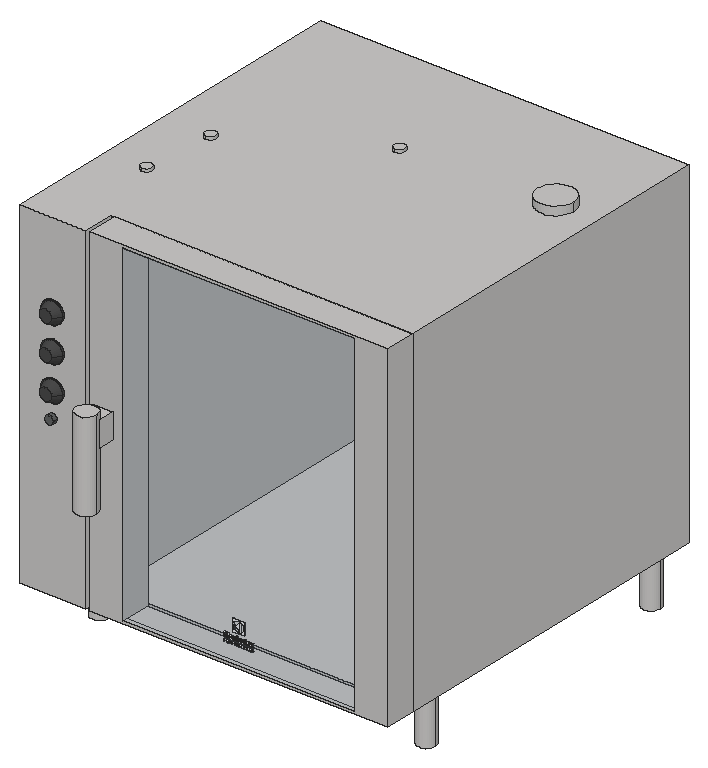
Revit family "QF_ELECTROLUXPROFESSIONAL_260865_EFCE11CSES", category Attrezzature speciali, Revit 2018
Family settings
  Quota connettore circolare = Usa diametro
  Tipo di parte = Normale
  Basato su piano di lavoro = No
  Sempre verticale = Sì
  Taglio con vuoti quando caricato = No
  Condiviso = No
  Punto di calcolo locali = No
Parameters (values of type "Standard")
  Weight = 121.20 kg
  Watts = 17300 W
  Volts = 380 V
  URL Manufacturer = "https://www.electroluxprofessional.com/"
  URL = "https://www.electroluxprofessional.com/"
  Steam Supply Size = 0 mm
  Steam Supply Minimum Pressure = 0.0 Pa
  Steam Supply Maximum Pressure = 0.0 Pa
  Steam Consumption per Hour = 0
  Show Logo [instance] = yes
  Show Clearance [instance] = yes
  Refrigeration Suction Line Size = 0 mm
  Refrigeration Liquid Line Size = 0 mm
  Refrigerant Compressor Remote = yes
  Produttore = "Electrolux Professional"
  Phase = 3
  Modello = "EFCE11CSES"
  Length Actual = 890 mm  # constant formula
  Item Number = "260865"
  Hot Water Size = 0 mm
  Height Actual = 970 mm  # constant formula
  HP = "23.2 HP"
  Gas Size = 0 mm
  Gas KW = 0
  Gas Input Pressure = 0 W
  Direct Waste Size = 25 mm
  Descrizione = "CONVECTION OVEN CW 10 GN 1/1 - ELECTRIC - 60HZ"
  Depth Actual = 900 mm  # constant formula
  Cycle = 60 Hz
  Condensate Return Size = 0 mm
  Compressed Air Volume = 0.0 L/s
  Compressed Air Size = 0 mm
  Compressed Air Pressure = 0.0 Pa
  Cold Water Size = 19.05 mm
  Accessory = yes
Types (2, lengths in mm): name | URL | Produttore | Phase | Modello | Direct Waste Size | Descrizione | Cold Water Size
  (no name) | 0 | 0 | 0 | 0 | 0 | 0 | 0
  Standard | "https://www.electroluxprofessional.com/" | "Electrolux Professional" | 3 | "EFCE11CSES" | 25 | "CONVECTION OVEN CW 10 GN 1/1 - ELECTRIC - 60HZ" | 19.05
Values of the unnamed type that differ from the named types
  Weight = 0.00 kg
  Watts = 0 W
  Volts = 0 V
  URL Manufacturer = ""
  Item Number = ""
  HP = ""
  Cycle = 0 Hz
Reference planes
  plane 1 "Center X": y = 24.851
  plane 2: z = 0
  plane 3 "Center Y": x = -315
  plane 4 "LEFT": x = -760
  plane 5 "BACK": y = 479.851
  plane 6 "RIGHT": x = 130
  plane 7 "FRONT": y = -430.149
  plane 8: x = -710
  plane 9: y = 421.851
  plane 10: y = -355.149
  plane 11: x = 80
  plane 12: y = -1111.149
  plane 13: z = 130
  plane 14 "Center Z": z = 950
  plane 15: z = 0
Forms (mm)
  Extrusion 1, solid, material "QF_Finishes_Stainless Steel"
    sketch origin (0, 0, 950) x (-1, 0, 0) y (0, -1, 0)
      loop
        line (760, -479.851) -> (760, 430.149) -> (600, 430.149) -> (600, 355.149) -> (-130, 355.149) -> (-130, -479.851) -> (760, -479.851)
    from 0 to -820
  Extrusion 2, solid, material "QF_Finishes_Stainless Steel"
    sketch origin (0, -430.149, -670) x (-1, 0, 0) y (0, 0, 1)
      loop
        line (590, 1620) -> (-130, 1620) -> (-130, 800) -> (590, 800) -> (590, 1620)
      loop
        line (510, 1615) -> (-50, 1615) -> (-50, 805) -> (510, 805) -> (510, 1615)
    from 0 to 75
  Extrusion 3, solid, material "QF_Finishes_Glass"
    sketch origin (0, -430.149, -670) x (-1, 0, 0) y (0, 0, 1)
      loop
        line (-50, 1615) -> (-50, 805) -> (510, 805) -> (510, 1615) -> (-50, 1615)
    from 0 to 9.69
  Extrusion 4, solid, material "QF_Finishes_Stainless Steel"
    sketch origin (-1, -265, 955) x (0, -1, 0) y (-1, 0, 0)
      loop
        circle (-265.851, 643) r 13.25
    from 0 to 5
  Extrusion 5, solid, material "QF_Door-Drawer Clearances", visible <- "Show Clearance", detail levels coarse
    sketch origin (0, 0, 950) x (-1, 0, 0) y (0, -1, 0)
      loop
        arc (590, 430.149) -> (362.228, 910.45) -> (-130, 1111.149) r 734.22
        line (-130, 1111.149) -> (-130, 430.149) -> (590, 430.149)
    from -820 to 0
  Extrusion 6, solid, material "QF_Finishes_Black"
    sketch origin (24, -430.149, -766.676) x (-1, 0, 0) y (0, 0, 1)
      loop
        circle (704, 1512.5) r 26.676
    from 0 to -3
  Blend 7, solid, material "QF_Finishes_Black"
    base sketch origin (-21, -430.149, -766.676) x (1, 0, 0) y (0, 0, 1)
      loop
        circle (-659, 1512.5) r 25
    top sketch origin (-21, -430.149, -766.676) x (1, 0, 0) y (0, 0, 1)
      loop
        circle (-659, 1512.5) r 15
    from 3 to 21.442
  Extrusion 8, solid, material "QF_Finishes_Black"
    sketch origin (24, -430.149, -851.676) x (-1, 0, 0) y (0, 0, 1)
      loop
        circle (704, 1512.5) r 26.676
    from 0 to -3
  Blend 9, solid, material "QF_Finishes_Black"
    base sketch origin (-21, -430.149, -851.676) x (1, 0, 0) y (0, 0, 1)
      loop
        circle (-659, 1512.5) r 25
    top sketch origin (-21, -430.149, -851.676) x (1, 0, 0) y (0, 0, 1)
      loop
        circle (-659, 1512.5) r 15
    from 3 to 21.442
  Extrusion 10, solid, material "QF_Finishes_Black"
    sketch origin (24, -430.149, -936.676) x (-1, 0, 0) y (0, 0, 1)
      loop
        circle (704, 1512.5) r 26.676
    from 0 to -3
  Blend 11, solid, material "QF_Finishes_Black"
    base sketch origin (-21, -430.149, -936.676) x (1, 0, 0) y (0, 0, 1)
      loop
        circle (-659, 1512.5) r 25
    top sketch origin (-21, -430.149, -936.676) x (1, 0, 0) y (0, 0, 1)
      loop
        circle (-659, 1512.5) r 15
    from 3 to 21.442
  Extrusion 12, solid, material "QF_Finishes_Stainless Steel"
    sketch origin (-18, -437, 955) x (0, -1, 0) y (-1, 0, 0)
      loop
        circle (-265.851, 643) r 13.25
    from 0 to 5
  Extrusion 13, solid, material "QF_Finishes_Stainless Steel"
    sketch origin (309, -81, 955) x (0, -1, 0) y (-1, 0, 0)
      loop
        circle (-265.851, 643) r 13.25
    from 0 to 5
  Extrusion 14, solid, material "QF_Finishes_Stainless Steel"
    sketch origin (0, 0, 575) x (-1, 0, 0) y (0, -1, 0)
      loop
        circle (559.299, 480.149) r 25
    from -193.655 to 20
  Extrusion 15, solid, material "QF_Finishes_Stainless Steel"
    sketch origin (0, 0, 575) x (-1, 0, 0) y (0, -1, 0)
      loop
        line (534.299, 480.149) -> (534.299, 430.149) -> (584.299, 430.149) -> (584.299, 480.149)
        arc (584.299, 480.149) -> (559.299, 455.149) -> (534.299, 480.149) r 25
    from -55.026 to 5
  Extrusion 16, solid, material "QF_Finishes_Dark_Gray"
    sketch origin (25, -480.149, -725) x (-1, 0, 0) y (0, 0, 1)
      loop
        circle (705.941, 1240.523) r 10
    from 40 to 50
  Extrusion 17, solid, material "QF_Finishes_Stainless Steel"
    sketch origin (67.965, -53.34, 950) x (-1, 0, 0) y (0, -1, 0)
      loop
        circle (37.965, -256.191) r 43
    from 0 to 20
  Extrusion 18, void
    sketch origin (-600, -680.149, 1750) x (-1, 0, 0) y (0, 0, 1)
      loop
        line (0, -818.82) -> (-650, -818.82) -> (-650, -1610) -> (0, -1610) -> (0, -818.82)
    from 325 to 1102
Cuts and joins
  Extrusion 18 cuts Extrusion 1
Lines and regions (mm)
  Split face 1
    outline origin (-760, -430.149, 950) x (0, 0, -1) y (1, 0, 0)
      loop
        line (5, 15) -> (815, 15) -> (815, 145) -> (5, 145) -> (5, 15)
  Split face 2
    outline origin (-776.25, -430.149, 941.25) x (0, 0, -1) y (1, 0, 0)
      loop
        line (447.5, 78.5) -> (463.75, 78.5) -> (463.75, 113.5) -> (447.5, 113.5) -> (447.5, 78.5)
  Split face 3
    outline origin (30, -430.149, 135) x (1, 0, 0) y (0, 0, 1)
      loop
        line (-526.223, 92.039) -> (-375, 92.039) -> (-346.716, 120.323) -> (-260, 120.323) -> (-173.284, 120.323) -> (-145, 92.039) -> (6.223, 92.039) -> (6.223, 732.039) -> (-526.223, 732.039) -> (-526.223, 92.039)
  Split face 4
    outline origin (-760, -430.149, 950) x (0, 0, -1) y (1, 0, 0)
      loop
        line (770, 15) -> (770, 145)
  Split face 5
    outline origin (-640, -430.149, 950) x (-1, 0, 0) y (0, 0, -1)
      loop
        line (105, 50) -> (-25, 50)
  symbolic lines
    curve 1: line (-760, -430.149, 1620) -> (-760, 479.851, 1620)
    curve 2: line (-760, 479.851, 1620) -> (130, 479.851, 1620)
    curve 3: line (-600, -355.149, 1620) -> (130, -355.149, 1620)
    curve 4: line (-600, -355.149, 1620) -> (-600, -430.149, 1620)
    curve 5: line (-760, -430.149, 1620) -> (130, -430.149, 1620)
    curve 6: line (-706.676, -433.149, 1620) -> (-653.324, -433.149, 1620)
    curve 7: line (-695, -451.591, 1620) -> (-665, -451.591, 1620)
    curve 8: line (-706.676, -433.149, 1620) -> (-706.676, -430.149, 1620)
    curve 9: line (-653.324, -433.149, 1620) -> (-653.324, -430.149, 1620)
    curve 10: line (-695, -451.591, 1620) -> (-705, -433.149, 1620)
    curve 11: line (-665, -451.591, 1620) -> (-655.006, -433.149, 1620)
    curve 12: line (130, 479.851, 1620) -> (130, -430.149, 1620)
    curve 15: arc (-534.299, -480.149, 1620) -> (-559.299, -455.149, 1620) -> (-584.299, -480.149, 1620) r 25
    curve 16: arc (-584.299, -480.149, 1620) -> (-559.299, -505.149, 1620) -> (-534.299, -480.149, 1620) r 25
    curve 17: line (-534.299, -480.149, 1620) -> (-534.299, -430.149, 1620)
    curve 18: line (-584.299, -430.149, 1620) -> (-584.299, -480.149, 1620)
    curve 19: arc (73, 202.851, 1620) -> (30, 245.851, 1620) -> (-13, 202.851, 1620) r 43
    curve 20: arc (-13, 202.851, 1620) -> (30, 159.851, 1620) -> (73, 202.851, 1620) r 43
  symbolic lines, style "QF_Door-Drawer Clearances"
    curve 13: line (130, -1111.149, 1620) -> (130, -430.149, 1620)
    curve 14: arc (-590, -430.149, 1620) -> (-362.228, -910.45, 1620) -> (130, -1111.149, 1620) r 734.22
Dimensions and locks
  equal spacing: plane 4 "LEFT", plane 3 "Center Y", plane 6 "RIGHT"
  plane 4 "LEFT" to plane 6 "RIGHT" = 890 mm
  plane 5 "BACK" to plane 7 "FRONT" = 910 mm
  equal spacing: plane 5 "BACK", plane 1 "Center X", plane 7 "FRONT"
  plane 5 "BACK" to plane 12 = 1591 mm
  plane 13 to plane 15 = 130 mm
  plane 14 "Center Z" to plane 13 = 820 mm
  plane 14 "Center Z" to plane 15 = 950 mm
  aligned and locked: level to plane 2
  aligned and locked: plane 13 to nested 1
  aligned and locked: plane 13 to nested 2
  aligned and locked: plane 13 to nested 4
  aligned and locked: plane 13 to nested 3
  aligned and locked: Extrusion 1 to plane 13
  aligned and locked: Blend 7 to Extrusion 6
  aligned and locked: Blend 9 to Extrusion 8
  aligned and locked: Blend 11 to Extrusion 10
Automatic sketch dimensions
  curve 15 to curve 16 = 0 mm  (x2)
  curve 19 to curve 20 = 0 mm  (x2)
  curve 14 to plane 6 "RIGHT" = 0 mm
  curve 17 to plane 7 "FRONT" = 0 mm
  curve 4 to plane 10 = 0 mm
  curve 1 to plane 4 "LEFT" = 0 mm
  curve 1 to plane 5 "BACK" = 0 mm
  curve 13 to plane 12 = 0 mm
  plane 6 "RIGHT" to curve 14 = 12.296 mm
  curve 20 to plane 11 = 50 mm
  curve 17 to plane 7 "FRONT" = 50 mm
  plane 8 to curve 17 = 175.701 mm
  curve 15 to curve 16 = 25 mm
  curve 18 to curve 4 = 15.701 mm
  curve 9 to plane 7 "FRONT" = 3 mm
  curve 4 to curve 9 = 53.324 mm
  curve 6 to curve 7 = 11.676 mm
  plane 8 to curve 7 = 15 mm
  plane 8 to curve 8 = 3.324 mm
  curve 20 to plane 1 "Center X" = 178 mm
  curve 14 to plane 10 = 21.883 mm
  curve 10 to curve 10 = 18.442 mm
  curve 19 to plane 11 = 7 mm
  curve 6 to curve 11 = 1.682 mm
  curve 10 to curve 6 = 1.676 mm
  Extrusion 1 sketch curve to plane 5 "BACK" = 0 mm
  Extrusion 1 sketch curve to plane 6 "RIGHT" = 0 mm
  Extrusion 1 sketch curve to plane 10 = 0 mm
  Extrusion 1 sketch curve to plane 7 "FRONT" = 0 mm
  Extrusion 1 sketch curve to plane 4 "LEFT" = 0 mm
  plane 8 to Extrusion 1 sketch curve = 110 mm
  Extrusion 2 sketch curve to plane 6 "RIGHT" = 0 mm
  Extrusion 2 sketch curve to plane 13 = 0 mm
  Extrusion 2 sketch curve to plane 14 "Center Z" = 0 mm
  plane 13 to Extrusion 2 sketch curve = 5 mm
  Extrusion 2 sketch curve to plane 11 = 30 mm
  Extrusion 2 sketch curve to plane 14 "Center Z" = 5 mm
  Extrusion 2 sketch curve to plane 3 "Center Y" = 195 mm
  Extrusion 2 sketch curve to Extrusion 2 sketch curve = 80 mm
  plane 13 to Extrusion 3 sketch curve = 5 mm
  Extrusion 3 sketch curve to plane 11 = 30 mm
  Extrusion 3 sketch curve to plane 3 "Center Y" = 195 mm  (x2)
  Extrusion 3 sketch curve to plane 14 "Center Z" = 5 mm
  plane 1 "Center X" to Extrusion 4 sketch curve = 24 mm
  plane 8 to Extrusion 4 sketch curve = 66 mm
  Extrusion 5 sketch curve to plane 6 "RIGHT" = 0 mm
  Extrusion 5 sketch curve to plane 7 "FRONT" = 0 mm
  Extrusion 5 sketch curve to plane 12 = 0 mm
  plane 6 "RIGHT" to Extrusion 5 sketch curve = 12.296 mm
  plane 8 to Extrusion 5 sketch curve = 120 mm
  Split face 1 sketch curve to Extrusion 1 = 5 mm  (x2)
  Split face 1 sketch curve to Extrusion 1 = 15 mm  (x2)
  plane 8 to Extrusion 6 sketch curve = 30 mm
  Extrusion 2 to Blend 7 sketch curve = 90 mm  (x2)
  Extrusion 2 to Blend 7 sketch curve = 199.176 mm  (x2)
  plane 8 to Extrusion 8 sketch curve = 30 mm
  Extrusion 2 to Blend 9 sketch curve = 90 mm  (x2)
  Extrusion 2 to Blend 9 sketch curve = 284.176 mm  (x2)
  plane 8 to Extrusion 10 sketch curve = 30 mm
  Extrusion 2 to Blend 11 sketch curve = 90 mm  (x2)
  Extrusion 2 to Blend 11 sketch curve = 369.176 mm  (x2)
  Split face 2 sketch curve to Extrusion 1 = 62.75 mm
  Split face 2 sketch curve to Extrusion 1 = 363.75 mm
  Split face 2 sketch curve to Split face 2 sketch curve = 16.25 mm
  Split face 2 sketch curve to Split face 2 sketch curve = 35 mm
  plane 8 to Extrusion 12 sketch curve = 49 mm
  plane 10 to Extrusion 12 sketch curve = 184 mm
  Extrusion 13 sketch curve to plane 3 "Center Y" = 19 mm
  Extrusion 13 sketch curve to plane 1 "Center X" = 160 mm
  Extrusion 14 sketch curve to plane 7 "FRONT" = 50 mm
  plane 8 to Extrusion 14 sketch curve = 150.701 mm
  Extrusion 15 sketch curve to plane 7 "FRONT" = 0 mm
  plane 8 to Extrusion 15 sketch curve = 175.701 mm
  Extrusion 15 sketch curve to Extrusion 15 sketch curve = 25 mm
  Extrusion 15 sketch curve to plane 7 "FRONT" = 50 mm
  Split face 3 sketch curve to Extrusion 3 = 13.777 mm  (x2)
  Split face 3 sketch curve to Split face 3 sketch curve = 151.223 mm
  Split face 3 sketch curve to Split face 3 sketch curve = 28.284 mm  (x3)
  Split face 3 sketch curve to Split face 3 sketch curve = 86.716 mm  (x2)
  Split face 3 sketch curve to Extrusion 3 = 92.039 mm  (x2)
  Split face 3 sketch curve to Extrusion 3 = 77.961 mm
  Split face 4 sketch curve to Extrusion 1 = 15 mm  (x2)
  Split face 4 sketch curve to Extrusion 1 = 50 mm
  plane 8 to Extrusion 16 sketch curve = 29.059 mm
  Extrusion 17 sketch curve to plane 11 = 50 mm
  Extrusion 17 sketch curve to plane 1 "Center X" = 178 mm
  Split face 5 sketch curve to Extrusion 1 = 15 mm  (x2)
  Split face 5 sketch curve to Extrusion 1 = 50 mm
  Extrusion 6 sketch curve to plane 14 "Center Z" = 204.176 mm
  Extrusion 8 sketch curve to plane 14 "Center Z" = 289.176 mm
  Extrusion 10 sketch curve to plane 14 "Center Z" = 374.176 mm
  plane 13 to Extrusion 16 sketch curve = 385.523 mm
  Extrusion 18 sketch curve to plane 11 = 30 mm
  plane 13 to Extrusion 18 sketch curve = 10 mm
  plane 8 to Extrusion 18 sketch curve = 110 mm
  Extrusion 18 sketch curve to plane 14 "Center Z" = 18.82 mm
  radius of Extrusion 4 sketch curve = 13.25 mm
  radius of Extrusion 6 sketch curve = 26.676 mm
  radius of Blend 7 sketch curve = 25 mm
  radius of Blend 7 sketch curve = 15 mm
  radius of Extrusion 8 sketch curve = 26.676 mm
  radius of Blend 9 sketch curve = 25 mm
  radius of Blend 9 sketch curve = 15 mm
  radius of Extrusion 10 sketch curve = 26.676 mm
  radius of Blend 11 sketch curve = 25 mm
  radius of Blend 11 sketch curve = 15 mm
  radius of Extrusion 12 sketch curve = 13.25 mm
  radius of Extrusion 13 sketch curve = 13.25 mm
  radius of Extrusion 14 sketch curve = 25 mm
  radius of Extrusion 16 sketch curve = 10 mm
  radius of Extrusion 17 sketch curve = 43 mm
Nested families
  nested 1: "Foot" at (-710, -250.149, 0), type "Foot"
    with Ø 22 mm, H 130 mm
  nested 2: "Foot" at (80, -250.149, 0), type "Foot"
    with Ø 22 mm, H 130 mm
  nested 3: "Foot" at (80, 429.851, 0), type "Foot"
    with Ø 22 mm, H 130 mm
  nested 4: "Foot" at (-710, 429.851, 0), type "Foot"
    with Ø 22 mm, H 130 mm
  nested 5: "ELX_Pro_Logo" at (-230, -430.149, 203.512) x (1, 0, 0) z (0, -1, 0), type "ELX_Pro_Logo"
Connectors
  piping at (-334, 184.851, 955), diameter 26.4
    settings: on Extrusion 13, index 6, connector inside diameter 609.6 mm, connector length 0 mm, flow factor 0, pipe flow 0.0 L/s, pressure drop 0.0 Pa, fitting loss kfactor 0, connector angle 0.00°, fixture units 0, engagement length 0 mm, angle of deflection 0.00°, flow configuration 0, flow direction 0, fitting loss method 0, system type 16, joint type 0, gender type 0, connector reference index -1, connector utility 0, adjustable connector no, is connector primary yes, connector description ""
  electrical at (-661, -171.149, 955)
    settings: on Extrusion 12, index 7, voltage 0 V, apparent load 0 VA, apparent load phase1 0 VA, apparent load phase2 0 VA, apparent load phase3 0 VA, power factor 1, load classification "Altro", number of poles 1, system type 30, power factor state 1, is connector primary yes, connector utility no, sub classification motor no, connector description ""
  piping at (-644, 0.851, 955), diameter 19.05, driven by "Cold Water Size"
    settings: on Extrusion 4, index 8, connector inside diameter 609.6 mm, connector length 0 mm, flow factor 0, pipe flow 0.0 L/s, pressure drop 0.0 Pa, fitting loss kfactor 0, connector angle 0.00°, fixture units 0, engagement length 0 mm, angle of deflection 0.00°, flow configuration 0, flow direction 0, fitting loss method 0, system type 20, joint type 0, gender type 0, connector reference index -1, connector utility 0, adjustable connector no, is connector primary no, connector description "Cold Water Inlet"
Definition of nested family "Foot"
  Parameters
    Ø [instance] = 20 mm
    H [instance] = 50 mm
  Reference planes
    plane 1 "Centro (Fronte/Retro)": y = 0
    plane 2: z = 0
    plane 3 "Centro (Sinistra/Destra)": x = 0
    plane 4: z = 50
  Forms (mm)
    Revolve 1, solid
      sketch origin (255.05, 0, 608.09) x (0, 0, 1) y (-1, 0, 0)
        loop
          line (-608.09, 255.05) -> (-608.09, 235.05) -> (-558.09, 235.05) -> (-558.09, 255.05) -> (-608.09, 255.05)
        axis (-608.09, 255.05) -> (-558.09, 255.05)
      angle from 0 to 360
  Dimensions and locks
    "H": plane 4 to plane 2
    "Ø": Revolve 1 sketch curve to Revolve 1 sketch curve
    aligned and locked: level to plane 2
    aligned and locked: plane 4 to Revolve 1 sketch curve
    aligned and locked: Revolve 1 sketch curve to level
    aligned and locked: plane 3 "Centro (Sinistra/Destra)" to Revolve 1 sketch curve
  Automatic sketch dimensions
    Revolve 1 sketch curve to plane 3 "Centro (Sinistra/Destra)" = 0 mm
    Revolve 1 sketch curve to Revolve 1 sketch curve = 50 mm
    Revolve 1 sketch curve to Revolve 1 sketch curve = 20 mm
Definition of nested family "ELX_Pro_Logo"
  Parameters (values of type "ELX_Pro_Logo")
    M = none
    Default Elevation = 0 mm
  Reference planes
    plane 1 "Centro (Fronte/Retro)": y = 0
    plane 2: z = 0
    plane 3 "Centro (Sinistra/Destra)": x = 0
  Forms (mm)
    Extrusion 1, solid
      sketch origin (0, 0, 0) x (1, 0, 0) y (0, 1, 0)
        loop
          line (-1219.2, 1219.2) -> (-1219.2, -1219.2) -> (1219.2, -1219.2) -> (1219.2, 1219.2) -> (-1219.2, 1219.2)
      from 0 to -304.8
    Extrusion 2, solid, material <- "M"
      sketch origin (-144.622, -1081.55, 0) x (-1, 0, 0) y (0, -1, 0)
        loop
          line (-111.329, -1069.559) -> (-111.329, -1071.073) -> (-116.048, -1071.073) -> (-116.048, -1072.896) -> (-111.328, -1072.896) -> (-111.328, -1075.549) -> (-116.349, -1075.549) -> (-116.349, -1077.368) -> (-109.396, -1077.368) -> (-109.396, -1073.46) -> (-109.396, -1069.659)
          arc (-109.396, -1069.659) -> (-110.425, -1067.175) -> (-112.909, -1066.146) r 3.513
          line (-112.909, -1066.146) -> (-116.483, -1066.146) -> (-116.483, -1067.963) -> (-112.925, -1067.963)
          arc (-112.925, -1067.963) -> (-111.797, -1068.431) -> (-111.329, -1069.559) r 1.596
        loop
          line (-119.79, -1077.358) -> (-117.856, -1077.358) -> (-117.856, -1072.053) -> (-117.856, -1066.132) -> (-119.79, -1066.132) -> (-119.79, -1072.092) -> (-119.79, -1077.358)
        loop
          line (-122.986, -1069.718) -> (-129.327, -1069.718)
          arc (-129.327, -1069.718) -> (-129.219, -1071.449) -> (-128.497, -1073.026) r 4.757
          arc (-128.497, -1073.026) -> (-125.237, -1074.5) -> (-121.978, -1073.026) r 4.34
          arc (-121.978, -1073.026) -> (-121.072, -1070.207) -> (-121.978, -1067.388) r 4.838
          arc (-121.978, -1067.388) -> (-125.393, -1065.933) -> (-128.809, -1067.388) r 4.737
          line (-128.809, -1067.388) -> (-127.645, -1068.52)
          arc (-127.645, -1068.52) -> (-125.509, -1067.576) -> (-123.374, -1068.52) r 2.888
          arc (-123.374, -1068.52) -> (-123.05, -1069.077) -> (-122.986, -1069.718) r 1.527
        loop
          arc (-127.386, -1071.076) -> (-126.67, -1072.331) -> (-125.331, -1072.872) r 2.201
          arc (-125.331, -1072.872) -> (-123.848, -1072.402) -> (-123.033, -1071.076) r 2.23
          line (-123.033, -1071.076) -> (-127.386, -1071.076)
        loop
          line (-136.862, -1071.886) -> (-138.059, -1073.132)
          arc (-138.059, -1073.132) -> (-130.327, -1070.219) -> (-138.059, -1067.306) r 4.415
          line (-138.059, -1067.306) -> (-136.862, -1068.553)
          arc (-136.862, -1068.553) -> (-132.252, -1070.22) -> (-136.862, -1071.886) r 2.606
        loop
          line (-141.192, -1069.673) -> (-141.192, -1072.494) -> (-142.951, -1072.494) -> (-142.951, -1074.25) -> (-141.195, -1074.25) -> (-141.195, -1077.358) -> (-139.262, -1077.358) -> (-139.262, -1073.332) -> (-139.262, -1069.514)
          arc (-139.262, -1069.514) -> (-140.299, -1066.92) -> (-142.98, -1066.132) r 3.196
          line (-142.98, -1066.132) -> (-142.987, -1067.949)
          arc (-142.987, -1067.949) -> (-141.652, -1068.356) -> (-141.192, -1069.673) r 1.542
        loop
          line (-146.494, -1073.042) -> (-146.494, -1074.25) -> (-144.576, -1074.25) -> (-144.576, -1070.271) -> (-144.576, -1066.132) -> (-146.494, -1066.132) -> (-146.494, -1070.401)
          arc (-146.494, -1070.401) -> (-147.446, -1072.228) -> (-149.489, -1072.494) r 2.229
          line (-149.489, -1072.494) -> (-149.489, -1074.362)
          arc (-149.489, -1074.362) -> (-147.761, -1074.226) -> (-146.494, -1073.042) r 2.627
        loop
          line (-159.833, -1072.246) -> (-159.833, -1066.131) -> (-161.767, -1066.131) -> (-161.767, -1072.17) -> (-161.767, -1077.359) -> (-159.833, -1077.359) -> (-159.833, -1072.246)
        loop
          line (-165.194, -1069.514) -> (-165.194, -1074.25) -> (-163.245, -1074.25) -> (-163.245, -1071.898) -> (-163.245, -1069.098)
          arc (-163.245, -1069.098) -> (-166.96, -1065.769) -> (-170.687, -1069.085) r 3.745
          line (-170.687, -1069.085) -> (-170.687, -1071.898) -> (-170.687, -1074.25) -> (-168.739, -1074.25) -> (-168.739, -1069.514)
          arc (-168.739, -1069.514) -> (-166.967, -1067.742) -> (-165.194, -1069.514) r 1.772
        loop
          line (-174.654, -1070.416) -> (-172.975, -1068.078) -> (-171.578, -1066.131) -> (-173.656, -1066.131) -> (-175.717, -1068.999) -> (-177.779, -1066.131) -> (-179.857, -1066.131) -> (-178, -1068.728) -> (-176.781, -1070.433) -> (-178.29, -1072.488) -> (-179.583, -1074.25) -> (-177.473, -1074.25) -> (-175.717, -1071.818) -> (-173.945, -1074.25) -> (-171.852, -1074.25) -> (-173.052, -1072.608) -> (-174.654, -1070.416)
        loop
          circle (-154.223, -1070.188) r 2.508
        loop
          circle (-154.223, -1070.188) r 4.42
        loop
          line (-110.224, -1058.542) -> (-111.194, -1058.542)
          arc (-111.194, -1058.542) -> (-112.217, -1059.95) -> (-110.924, -1061.114) r 1.3
          line (-110.924, -1061.114) -> (-109.424, -1061.114) -> (-109.424, -1057.223) -> (-110.224, -1057.223) -> (-110.224, -1058.542)
        loop
          line (-110.224, -1060.379) -> (-110.224, -1059.293) -> (-111.03, -1059.293)
          arc (-111.03, -1059.293) -> (-111.43, -1059.836) -> (-111.03, -1060.379) r 0.569
          line (-111.03, -1060.379) -> (-110.224, -1060.379)
        loop
          line (-116.302, -1058.564) -> (-117.128, -1058.564) -> (-117.934, -1057.223) -> (-118.841, -1057.223) -> (-117.833, -1058.884)
          arc (-117.833, -1058.884) -> (-118.214, -1060.282) -> (-117.028, -1061.114) r 1.26
          line (-117.028, -1061.114) -> (-115.503, -1061.114) -> (-115.503, -1057.223) -> (-116.302, -1057.223) -> (-116.302, -1058.564)
        loop
          line (-116.302, -1060.379) -> (-116.302, -1059.293) -> (-117.109, -1059.293)
          arc (-117.109, -1059.293) -> (-117.508, -1059.836) -> (-117.109, -1060.379) r 0.569
          line (-117.109, -1060.379) -> (-116.302, -1060.379)
        loop
          line (-128.923, -1057.223) -> (-129.723, -1057.223) -> (-129.723, -1058.714) -> (-131.187, -1058.714) -> (-131.187, -1059.514) -> (-129.723, -1059.514) -> (-129.723, -1060.314) -> (-131.327, -1060.314) -> (-131.327, -1061.114) -> (-128.923, -1061.114) -> (-128.923, -1057.223)
        loop
          arc (-134.628, -1058.469) -> (-134.992, -1057.588) -> (-135.874, -1057.223) r 1.246
          line (-135.874, -1057.223) -> (-137.13, -1057.223) -> (-137.13, -1058.023) -> (-135.969, -1058.023)
          arc (-135.969, -1058.023) -> (-135.53, -1058.237) -> (-135.427, -1058.714) r 0.558
          line (-135.427, -1058.714) -> (-136.984, -1058.714) -> (-136.984, -1059.514) -> (-135.427, -1059.514) -> (-135.427, -1060.314) -> (-137.092, -1060.314) -> (-137.092, -1061.114) -> (-134.628, -1061.114) -> (-134.628, -1058.469)
        loop
          line (-152.3, -1057.223) -> (-153.1, -1057.223) -> (-153.1, -1061.114) -> (-152.3, -1061.114) -> (-152.3, -1057.223)
        loop
          line (-164.67, -1057.223) -> (-164.67, -1059.67) -> (-166.45, -1057.223) -> (-167.25, -1057.223) -> (-167.25, -1061.114) -> (-166.42, -1061.114) -> (-166.42, -1058.594) -> (-164.64, -1061.114) -> (-163.84, -1061.114) -> (-163.84, -1057.223) -> (-164.67, -1057.223)
        loop
          line (-170.403, -1057.223) -> (-171.262, -1057.223) -> (-171.641, -1058.063) -> (-173.08, -1058.063) -> (-173.459, -1057.223) -> (-174.317, -1057.223) -> (-172.796, -1061.113) -> (-171.996, -1061.113) -> (-170.403, -1057.223)
        loop
          line (-177.493, -1057.223) -> (-179.789, -1057.223) -> (-179.789, -1058.023) -> (-178.293, -1058.023) -> (-178.293, -1061.114) -> (-177.493, -1061.114) -> (-177.493, -1057.223)
        loop
          line (-172.362, -1059.848) -> (-171.945, -1058.83) -> (-172.76, -1058.83) -> (-172.362, -1059.848)
        loop
          circle (-158.484, -1059.145) r 1.288
        loop
          circle (-158.484, -1059.145) r 2.065
        loop
          arc (-146.04, -1058.095) -> (-146.933, -1057.275) -> (-148.145, -1057.245) r 1.725
          arc (-148.145, -1057.245) -> (-148.965, -1058.02) -> (-148.68, -1059.111) r 1.107
          arc (-148.68, -1059.111) -> (-148.103, -1059.465) -> (-147.486, -1059.746) r 5.523
          arc (-147.486, -1059.746) -> (-147.147, -1060.262) -> (-147.708, -1060.52) r 0.407
          arc (-147.708, -1060.52) -> (-148.045, -1060.315) -> (-148.325, -1060.038) r 1.702
          line (-148.325, -1060.038) -> (-149.011, -1060.45)
          arc (-149.011, -1060.45) -> (-148.578, -1060.911) -> (-148.043, -1061.247) r 2.463
          arc (-148.043, -1061.247) -> (-146.373, -1060.466) -> (-147.42, -1058.949) r 1.207
          spline (-147.42, -1058.949) -> (-147.716, -1058.809) -> (-147.932, -1058.678) -> (-148.077, -1058.557) -> (-148.163, -1058.446) -> (-148.198, -1058.347) -> (-148.192, -1058.258) -> (-148.157, -1058.182) -> (-148.102, -1058.118) -> (-148.037, -1058.068) -> (-147.972, -1058.031) -> (-147.917, -1058.008) -> (-147.883, -1058)
          arc (-147.883, -1058) -> (-147.238, -1058.014) -> (-146.759, -1058.446) r 0.925
          line (-146.759, -1058.446) -> (-146.04, -1058.095)
        loop
          arc (-140.18, -1058.095) -> (-141.073, -1057.275) -> (-142.285, -1057.245) r 1.725
          arc (-142.285, -1057.245) -> (-143.106, -1058.02) -> (-142.821, -1059.111) r 1.107
          arc (-142.821, -1059.111) -> (-142.243, -1059.465) -> (-141.627, -1059.746) r 5.523
          arc (-141.627, -1059.746) -> (-141.287, -1060.262) -> (-141.849, -1060.52) r 0.407
          arc (-141.849, -1060.52) -> (-142.185, -1060.315) -> (-142.466, -1060.038) r 1.702
          line (-142.466, -1060.038) -> (-143.151, -1060.45)
          arc (-143.151, -1060.45) -> (-142.719, -1060.911) -> (-142.183, -1061.247) r 2.463
          arc (-142.183, -1061.247) -> (-140.513, -1060.466) -> (-141.56, -1058.949) r 1.207
          spline (-141.56, -1058.949) -> (-141.856, -1058.809) -> (-142.072, -1058.678) -> (-142.218, -1058.557) -> (-142.303, -1058.446) -> (-142.338, -1058.347) -> (-142.333, -1058.258) -> (-142.298, -1058.182) -> (-142.242, -1058.118) -> (-142.177, -1058.068) -> (-142.112, -1058.031) -> (-142.057, -1058.008) -> (-142.023, -1058)
          arc (-142.023, -1058) -> (-141.378, -1058.014) -> (-140.9, -1058.446) r 0.925
          line (-140.9, -1058.446) -> (-140.18, -1058.095)
        loop
          circle (-123.484, -1059.145) r 1.288
        loop
          circle (-123.484, -1059.145) r 2.065
        loop
          line (-130.225, -1113.361) -> (-130.225, -1084.645) -> (-158.979, -1084.645) -> (-158.979, -1113.361) -> (-130.225, -1113.361)
        loop
          arc (-148.442, -1086.055) -> (-157.992, -1098.973) -> (-148.442, -1111.892) r 13.512
          line (-148.442, -1111.892) -> (-148.442, -1086.055)
        loop
          line (-147.127, -1086.055) -> (-147.127, -1087.926)
          arc (-147.127, -1087.926) -> (-143.116, -1095.125) -> (-135.48, -1098.224) r 12.412
          line (-135.48, -1098.224) -> (-131.205, -1098.224)
          arc (-131.205, -1098.224) -> (-136.382, -1088.497) -> (-147.127, -1086.055) r 13.242
        loop
          line (-147.127, -1110.021) -> (-147.127, -1112.224)
          arc (-147.127, -1112.224) -> (-136.374, -1109.53) -> (-131.205, -1099.722) r 13.588
          line (-131.205, -1099.722) -> (-135.48, -1099.722)
          arc (-135.48, -1099.722) -> (-143.116, -1102.822) -> (-147.127, -1110.021) r 12.412
      from 0 to 1.6
  Lines and regions (mm)
    symbolic lines
      curve 1: line (-14.357, 31.811, 0) -> (14.357, 31.811, 0)
      curve 2: line (-14.357, 3.095, 0) -> (-14.357, 31.811, 0)
      curve 3: line (14.357, 3.095, 0) -> (-14.357, 3.095, 0)
      curve 4: line (14.357, 31.811, 0) -> (14.357, 3.095, 0)
      curve 5: line (-8.32, 7.722, 0) -> (-9.387, 8.738, 0)
      curve 6: line (-9.387, 8.738, 0) -> (-10.331, 9.866, 0)
      curve 7: line (-10.331, 9.866, 0) -> (-11.141, 11.095, 0)
      curve 8: line (-11.141, 11.095, 0) -> (-11.805, 12.411, 0)
      curve 9: line (-11.805, 12.411, 0) -> (-12.31, 13.803, 0)
      curve 10: line (-12.31, 13.803, 0) -> (-12.646, 15.26, 0)
      curve 11: line (-12.646, 15.26, 0) -> (-12.8, 16.77, 0)
      curve 12: line (-12.8, 16.77, 0) -> (-10.081, 16.77, 0)
      curve 13: line (-10.081, 16.77, 0) -> (-8.466, 16.661, 0)
      curve 14: line (-8.466, 16.661, 0) -> (-6.88, 16.344, 0)
      curve 15: line (-6.88, 16.344, 0) -> (-5.345, 15.833, 0)
      curve 16: line (-5.345, 15.833, 0) -> (-3.882, 15.143, 0)
      curve 17: line (-3.882, 15.143, 0) -> (-2.511, 14.288, 0)
      curve 18: line (-2.511, 14.288, 0) -> (-1.255, 13.283, 0)
      curve 19: line (-1.255, 13.283, 0) -> (-0.135, 12.143, 0)
      curve 20: line (-0.135, 12.143, 0) -> (0.83, 10.882, 0)
      curve 21: line (0.83, 10.882, 0) -> (1.616, 9.515, 0)
      curve 22: arc (1.616, 9.515, 0) -> (2.419, 7.28, 0) -> (2.7, 4.923, 0) r 10.532
      curve 23: arc (2.7, 4.923, 0) -> (1.362, 4.715, 0) -> (0.011, 4.633, 0) r 14.39
      curve 24: line (0.011, 4.633, 0) -> (-1.56, 4.731, 0)
      curve 25: line (-1.56, 4.731, 0) -> (-3.062, 5.011, 0)
      curve 26: line (-3.062, 5.011, 0) -> (-4.502, 5.462, 0)
      curve 27: line (-4.502, 5.462, 0) -> (-5.866, 6.072, 0)
      curve 28: line (-5.866, 6.072, 0) -> (-7.142, 6.829, 0)
      curve 29: line (-7.142, 6.829, 0) -> (-8.32, 7.722, 0)
      curve 30: line (-10.802, 24.24, 0) -> (-9.872, 25.531, 0)
      curve 31: line (-9.872, 25.531, 0) -> (-8.796, 26.699, 0)
      curve 32: line (-8.796, 26.699, 0) -> (-7.587, 27.728, 0)
      curve 33: line (-7.587, 27.728, 0) -> (-6.258, 28.602, 0)
      curve 34: line (-6.258, 28.602, 0) -> (-4.823, 29.309, 0)
      curve 35: line (-4.823, 29.309, 0) -> (-3.293, 29.832, 0)
      curve 36: line (-3.293, 29.832, 0) -> (-1.683, 30.156, 0)
      curve 37: arc (-1.683, 30.156, 0) -> (0.517, 30.256, 0) -> (2.702, 29.984, 0) r 13.008
      curve 38: arc (2.702, 29.984, 0) -> (2.453, 27.616, 0) -> (1.617, 25.387, 0) r 9.395
      curve 39: line (1.617, 25.387, 0) -> (0.83, 24.018, 0)
      curve 40: line (0.83, 24.018, 0) -> (-0.134, 22.756, 0)
      curve 41: line (-0.134, 22.756, 0) -> (-1.255, 21.615, 0)
      curve 42: line (-1.255, 21.615, 0) -> (-2.512, 20.609, 0)
      curve 43: line (-2.512, 20.609, 0) -> (-3.882, 19.754, 0)
      curve 44: line (-3.882, 19.754, 0) -> (-5.346, 19.063, 0)
      curve 45: line (-5.346, 19.063, 0) -> (-6.881, 18.551, 0)
      curve 46: line (-6.881, 18.551, 0) -> (-8.467, 18.234, 0)
      curve 47: line (-8.467, 18.234, 0) -> (-10.083, 18.125, 0)
      curve 48: line (-10.083, 18.125, 0) -> (-12.798, 18.125, 0)
      curve 49: line (-12.798, 18.125, 0) -> (-12.584, 19.768, 0)
      curve 50: line (-12.584, 19.768, 0) -> (-12.171, 21.343, 0)
      curve 51: line (-12.171, 21.343, 0) -> (-11.572, 22.839, 0)
      curve 52: line (-11.572, 22.839, 0) -> (-10.802, 24.24, 0)
      curve 53: line (4.048, 5.294, 0) -> (4.048, 29.617, 0)
      curve 54: line (4.048, 29.617, 0) -> (5.525, 29.026, 0)
      curve 55: line (5.525, 29.026, 0) -> (6.905, 28.26, 0)
      curve 56: line (6.905, 28.26, 0) -> (8.174, 27.332, 0)
      curve 57: line (8.174, 27.332, 0) -> (9.318, 26.256, 0)
      curve 58: line (9.318, 26.256, 0) -> (10.323, 25.046, 0)
      curve 59: line (10.323, 25.046, 0) -> (11.177, 23.715, 0)
      curve 60: line (11.177, 23.715, 0) -> (11.865, 22.277, 0)
      curve 61: line (11.865, 22.277, 0) -> (12.375, 20.746, 0)
      curve 62: line (12.375, 20.746, 0) -> (12.693, 19.135, 0)
      curve 63: line (12.693, 19.135, 0) -> (12.804, 17.459, 0)
      curve 64: line (12.804, 17.459, 0) -> (12.702, 15.807, 0)
      curve 65: line (12.702, 15.807, 0) -> (12.396, 14.216, 0)
      curve 66: line (12.396, 14.216, 0) -> (11.897, 12.7, 0)
      curve 67: line (11.897, 12.7, 0) -> (11.218, 11.271, 0)
      curve 68: line (11.218, 11.271, 0) -> (10.372, 9.944, 0)
      curve 69: line (10.372, 9.944, 0) -> (9.37, 8.731, 0)
      curve 70: line (9.37, 8.731, 0) -> (8.224, 7.646, 0)
      curve 71: line (8.224, 7.646, 0) -> (6.947, 6.703, 0)
      curve 72: line (6.947, 6.703, 0) -> (5.551, 5.914, 0)
      curve 73: line (5.551, 5.914, 0) -> (4.048, 5.294, 0)
      curve 74: line (-35.227, -8.09, 0) -> (-35.227, -11.891, 0)
      curve 75: arc (-35.227, -11.891, 0) -> (-34.198, -14.375, 0) -> (-31.714, -15.404, 0) r 3.513
      curve 76: line (-31.714, -15.404, 0) -> (-28.139, -15.404, 0)
      curve 77: line (-28.139, -15.404, 0) -> (-28.139, -13.587, 0)
      curve 78: line (-28.139, -13.587, 0) -> (-31.697, -13.587, 0)
      curve 79: arc (-31.697, -13.587, 0) -> (-32.826, -13.119, 0) -> (-33.293, -11.991, 0) r 1.596
      curve 80: line (-33.293, -11.991, 0) -> (-33.293, -10.477, 0)
      curve 81: line (-33.293, -10.477, 0) -> (-28.574, -10.477, 0)
      curve 82: line (-28.574, -10.477, 0) -> (-28.574, -8.654, 0)
      curve 83: line (-28.574, -8.654, 0) -> (-33.294, -8.654, 0)
      curve 84: line (-33.294, -8.654, 0) -> (-33.294, -6.001, 0)
      curve 85: line (-33.294, -6.001, 0) -> (-28.273, -6.001, 0)
      curve 86: line (-28.273, -6.001, 0) -> (-28.273, -4.182, 0)
      curve 87: line (-28.273, -4.182, 0) -> (-35.227, -4.182, 0)
      curve 88: line (-35.227, -4.182, 0) -> (-35.227, -8.09, 0)
      curve 89: line (-24.833, -9.458, 0) -> (-24.833, -4.192, 0)
      curve 90: line (-24.833, -4.192, 0) -> (-26.766, -4.192, 0)
      curve 91: line (-26.766, -4.192, 0) -> (-26.766, -9.497, 0)
      curve 92: line (-26.766, -9.497, 0) -> (-26.766, -15.418, 0)
      curve 93: line (-26.766, -15.418, 0) -> (-24.833, -15.418, 0)
      curve 94: line (-24.833, -15.418, 0) -> (-24.833, -9.458, 0)
      curve 95: arc (-16.125, -8.524, 0) -> (-19.385, -7.05, 0) -> (-22.645, -8.524, 0) r 4.34
      curve 96: arc (-22.645, -8.524, 0) -> (-23.551, -11.343, 0) -> (-22.645, -14.162, 0) r 4.838
      curve 97: arc (-22.645, -14.162, 0) -> (-19.229, -15.617, 0) -> (-15.813, -14.162, 0) r 4.737
      curve 98: line (-15.813, -14.162, 0) -> (-16.978, -13.03, 0)
      curve 99: arc (-16.978, -13.03, 0) -> (-19.113, -13.974, 0) -> (-21.249, -13.03, 0) r 2.888
      curve 100: arc (-21.249, -13.03, 0) -> (-21.572, -12.473, 0) -> (-21.637, -11.832, 0) r 1.527
      curve 101: line (-21.637, -11.832, 0) -> (-15.295, -11.832, 0)
      curve 102: arc (-15.295, -11.832, 0) -> (-15.404, -10.101, 0) -> (-16.125, -8.524, 0) r 4.757
      curve 103: line (-17.236, -10.474, 0) -> (-21.589, -10.474, 0)
      curve 104: arc (-21.589, -10.474, 0) -> (-20.774, -9.148, 0) -> (-19.291, -8.678, 0) r 2.23
      curve 105: arc (-19.291, -8.678, 0) -> (-17.952, -9.219, 0) -> (-17.236, -10.474, 0) r 2.201
      curve 106: arc (-6.563, -8.418, 0) -> (-14.295, -11.331, 0) -> (-6.563, -14.244, 0) r 4.415
      curve 107: line (-6.563, -14.244, 0) -> (-7.761, -12.997, 0)
      curve 108: arc (-7.761, -12.997, 0) -> (-12.371, -11.33, 0) -> (-7.761, -9.664, 0) r 2.606
      curve 109: line (-7.761, -9.664, 0) -> (-6.563, -8.418, 0)
      curve 110: line (-5.361, -4.192, 0) -> (-5.361, -8.218, 0)
      curve 111: line (-5.361, -8.218, 0) -> (-5.361, -12.036, 0)
      curve 112: arc (-5.361, -12.036, 0) -> (-4.323, -14.63, 0) -> (-1.642, -15.418, 0) r 3.196
      curve 113: line (-1.642, -15.418, 0) -> (-1.636, -13.601, 0)
      curve 114: arc (-1.636, -13.601, 0) -> (-2.97, -13.194, 0) -> (-3.43, -11.877, 0) r 1.542
      curve 115: line (-3.43, -11.877, 0) -> (-3.43, -9.056, 0)
      curve 116: line (-3.43, -9.056, 0) -> (-1.672, -9.056, 0)
      curve 117: line (-1.672, -9.056, 0) -> (-1.672, -7.299, 0)
      curve 118: line (-1.672, -7.299, 0) -> (-3.427, -7.299, 0)
      curve 119: line (-3.427, -7.299, 0) -> (-3.427, -4.192, 0)
      curve 120: line (-3.427, -4.192, 0) -> (-5.361, -4.192, 0)
      curve 121: line (1.872, -7.3, 0) -> (-0.046, -7.3, 0)
      curve 122: line (-0.046, -7.3, 0) -> (-0.046, -11.279, 0)
      curve 123: line (-0.046, -11.279, 0) -> (-0.046, -15.418, 0)
      curve 124: line (-0.046, -15.418, 0) -> (1.872, -15.418, 0)
      curve 125: line (1.872, -15.418, 0) -> (1.872, -11.149, 0)
      curve 126: arc (1.872, -11.149, 0) -> (2.824, -9.322, 0) -> (4.867, -9.056, 0) r 2.229
      curve 127: line (4.867, -9.056, 0) -> (4.867, -7.188, 0)
      curve 128: arc (4.867, -7.188, 0) -> (3.138, -7.324, 0) -> (1.872, -8.508, 0) r 2.627
      curve 129: line (1.872, -8.508, 0) -> (1.872, -7.3, 0)
      curve 130: arc (7.092, -11.362, 0) -> (9.601, -8.854, 0) -> (12.109, -11.362, 0) r 2.508
      curve 131: arc (12.109, -11.362, 0) -> (9.601, -13.871, 0) -> (7.092, -11.362, 0) r 2.508
      curve 132: arc (5.18, -11.362, 0) -> (9.601, -15.783, 0) -> (14.021, -11.362, 0) r 4.42
      curve 133: arc (14.021, -11.362, 0) -> (9.601, -6.942, 0) -> (5.18, -11.362, 0) r 4.42
      curve 134: line (15.211, -4.191, 0) -> (15.211, -9.304, 0)
      curve 135: line (15.211, -9.304, 0) -> (15.211, -15.419, 0)
      curve 136: line (15.211, -15.419, 0) -> (17.145, -15.419, 0)
      curve 137: line (17.145, -15.419, 0) -> (17.145, -9.38, 0)
      curve 138: line (17.145, -9.38, 0) -> (17.145, -4.191, 0)
      curve 139: line (17.145, -4.191, 0) -> (15.211, -4.191, 0)
      curve 140: line (18.622, -7.299, 0) -> (18.622, -9.652, 0)
      curve 141: line (18.622, -9.652, 0) -> (18.622, -12.452, 0)
      curve 142: arc (18.622, -12.452, 0) -> (22.338, -15.781, 0) -> (26.064, -12.465, 0) r 3.745
      curve 143: line (26.064, -12.465, 0) -> (26.064, -9.652, 0)
      curve 144: line (26.064, -9.652, 0) -> (26.064, -7.299, 0)
      curve 145: line (26.064, -7.299, 0) -> (24.116, -7.299, 0)
      curve 146: line (24.116, -7.299, 0) -> (24.116, -12.036, 0)
      curve 147: arc (24.116, -12.036, 0) -> (22.344, -13.808, 0) -> (20.572, -12.036, 0) r 1.772
      curve 148: line (20.572, -12.036, 0) -> (20.572, -7.299, 0)
      curve 149: line (20.572, -7.299, 0) -> (18.622, -7.299, 0)
      curve 150: line (28.43, -8.942, 0) -> (30.032, -11.134, 0)
      curve 151: line (30.032, -11.134, 0) -> (28.353, -13.472, 0)
      curve 152: line (28.353, -13.472, 0) -> (26.955, -15.419, 0)
      curve 153: line (26.955, -15.419, 0) -> (29.033, -15.419, 0)
      curve 154: line (29.033, -15.419, 0) -> (31.095, -12.551, 0)
      curve 155: line (31.095, -12.551, 0) -> (33.156, -15.419, 0)
      curve 156: line (33.156, -15.419, 0) -> (35.234, -15.419, 0)
      curve 157: line (35.234, -15.419, 0) -> (33.378, -12.822, 0)
      curve 158: line (33.378, -12.822, 0) -> (32.158, -11.117, 0)
      curve 159: line (32.158, -11.117, 0) -> (33.668, -9.062, 0)
      curve 160: line (33.668, -9.062, 0) -> (34.961, -7.3, 0)
      curve 161: line (34.961, -7.3, 0) -> (32.851, -7.3, 0)
      curve 162: line (32.851, -7.3, 0) -> (31.095, -9.732, 0)
      curve 163: line (31.095, -9.732, 0) -> (29.323, -7.3, 0)
      curve 164: line (29.323, -7.3, 0) -> (27.23, -7.3, 0)
      curve 165: line (27.23, -7.3, 0) -> (28.43, -8.942, 0)
      curve 166: line (-35.198, -20.436, 0) -> (-35.198, -24.327, 0)
      curve 167: line (-35.198, -24.327, 0) -> (-34.398, -24.327, 0)
      curve 168: line (-34.398, -24.327, 0) -> (-34.398, -23.008, 0)
      curve 169: line (-34.398, -23.008, 0) -> (-33.428, -23.008, 0)
      curve 170: arc (-33.428, -23.008, 0) -> (-32.405, -21.6, 0) -> (-33.699, -20.436, 0) r 1.3
      curve 171: line (-33.699, -20.436, 0) -> (-35.198, -20.436, 0)
      curve 172: line (-34.398, -22.257, 0) -> (-34.398, -21.171, 0)
      curve 173: line (-34.398, -21.171, 0) -> (-33.592, -21.171, 0)
      curve 174: arc (-33.592, -21.171, 0) -> (-33.192, -21.714, 0) -> (-33.592, -22.257, 0) r 0.569
      curve 175: line (-33.592, -22.257, 0) -> (-34.398, -22.257, 0)
      curve 176: line (-29.12, -20.436, 0) -> (-29.12, -24.327, 0)
      curve 177: line (-29.12, -24.327, 0) -> (-28.32, -24.327, 0)
      curve 178: line (-28.32, -24.327, 0) -> (-28.32, -22.986, 0)
      curve 179: line (-28.32, -22.986, 0) -> (-27.494, -22.986, 0)
      curve 180: line (-27.494, -22.986, 0) -> (-26.688, -24.327, 0)
      curve 181: line (-26.688, -24.327, 0) -> (-25.781, -24.327, 0)
      curve 182: line (-25.781, -24.327, 0) -> (-26.789, -22.666, 0)
      curve 183: arc (-26.789, -22.666, 0) -> (-26.409, -21.268, 0) -> (-27.594, -20.436, 0) r 1.26
      curve 184: line (-27.594, -20.436, 0) -> (-29.12, -20.436, 0)
      curve 185: line (-28.32, -22.257, 0) -> (-28.32, -21.171, 0)
      curve 186: line (-28.32, -21.171, 0) -> (-27.514, -21.171, 0)
      curve 187: arc (-27.514, -21.171, 0) -> (-27.114, -21.714, 0) -> (-27.514, -22.257, 0) r 0.569
      curve 188: line (-27.514, -22.257, 0) -> (-28.32, -22.257, 0)
      curve 189: arc (-22.427, -22.405, 0) -> (-21.138, -21.117, 0) -> (-19.85, -22.405, 0) r 1.288
      curve 190: arc (-19.85, -22.405, 0) -> (-21.138, -23.694, 0) -> (-22.427, -22.405, 0) r 1.288
      curve 191: arc (-23.203, -22.405, 0) -> (-21.138, -24.47, 0) -> (-19.074, -22.405, 0) r 2.065
      curve 192: arc (-19.074, -22.405, 0) -> (-21.138, -20.34, 0) -> (-23.203, -22.405, 0) r 2.065
      curve 193: line (-15.7, -20.436, 0) -> (-15.7, -24.327, 0)
      curve 194: line (-15.7, -24.327, 0) -> (-14.9, -24.327, 0)
      curve 195: line (-14.9, -24.327, 0) -> (-14.9, -22.836, 0)
      curve 196: line (-14.9, -22.836, 0) -> (-13.436, -22.836, 0)
      curve 197: line (-13.436, -22.836, 0) -> (-13.436, -22.036, 0)
      curve 198: line (-13.436, -22.036, 0) -> (-14.9, -22.036, 0)
      curve 199: line (-14.9, -22.036, 0) -> (-14.9, -21.236, 0)
      curve 200: line (-14.9, -21.236, 0) -> (-13.295, -21.236, 0)
      curve 201: line (-13.295, -21.236, 0) -> (-13.295, -20.436, 0)
      curve 202: line (-13.295, -20.436, 0) -> (-15.7, -20.436, 0)
      curve 203: line (-9.995, -20.436, 0) -> (-9.995, -23.081, 0)
      curve 204: arc (-9.995, -23.081, 0) -> (-9.63, -23.962, 0) -> (-8.749, -24.327, 0) r 1.246
      curve 205: line (-8.749, -24.327, 0) -> (-7.492, -24.327, 0)
      curve 206: line (-7.492, -24.327, 0) -> (-7.492, -23.527, 0)
      curve 207: line (-7.492, -23.527, 0) -> (-8.653, -23.527, 0)
      curve 208: arc (-8.653, -23.527, 0) -> (-9.092, -23.313, 0) -> (-9.195, -22.836, 0) r 0.558
      curve 209: line (-9.195, -22.836, 0) -> (-7.639, -22.836, 0)
      curve 210: line (-7.639, -22.836, 0) -> (-7.639, -22.036, 0)
      curve 211: line (-7.639, -22.036, 0) -> (-9.195, -22.036, 0)
      curve 212: line (-9.195, -22.036, 0) -> (-9.195, -21.236, 0)
      curve 213: line (-9.195, -21.236, 0) -> (-7.53, -21.236, 0)
      curve 214: line (-7.53, -21.236, 0) -> (-7.53, -20.436, 0)
      curve 215: line (-7.53, -20.436, 0) -> (-9.995, -20.436, 0)
      curve 216: arc (-4.442, -23.455, 0) -> (-3.549, -24.275, 0) -> (-2.337, -24.305, 0) r 1.725
      curve 217: arc (-2.337, -24.305, 0) -> (-1.517, -23.53, 0) -> (-1.802, -22.439, 0) r 1.107
      curve 218: arc (-1.802, -22.439, 0) -> (-2.379, -22.085, 0) -> (-2.996, -21.804, 0) r 5.523
      curve 219: arc (-2.996, -21.804, 0) -> (-3.336, -21.288, 0) -> (-2.774, -21.03, 0) r 0.407
      curve 220: arc (-2.774, -21.03, 0) -> (-2.437, -21.235, 0) -> (-2.157, -21.512, 0) r 1.702
      curve 221: line (-2.157, -21.512, 0) -> (-1.471, -21.1, 0)
      curve 222: arc (-1.471, -21.1, 0) -> (-1.904, -20.639, 0) -> (-2.44, -20.303, 0) r 2.463
      curve 223: arc (-2.44, -20.303, 0) -> (-4.109, -21.084, 0) -> (-3.062, -22.601, 0) r 1.207
      curve 224: line (-3.062, -22.601, 0) -> (-2.6, -23.549, 0)
      curve 225: arc (-2.6, -23.549, 0) -> (-3.244, -23.536, 0) -> (-3.723, -23.104, 0) r 0.925
      curve 226: line (-3.723, -23.104, 0) -> (-4.442, -23.455, 0)
      curve 227: arc (1.418, -23.455, 0) -> (2.311, -24.275, 0) -> (3.523, -24.305, 0) r 1.725
      curve 228: arc (3.523, -24.305, 0) -> (4.343, -23.53, 0) -> (4.058, -22.439, 0) r 1.107
      curve 229: arc (4.058, -22.439, 0) -> (3.48, -22.085, 0) -> (2.864, -21.804, 0) r 5.523
      curve 230: arc (2.864, -21.804, 0) -> (2.524, -21.288, 0) -> (3.086, -21.03, 0) r 0.407
      curve 231: arc (3.086, -21.03, 0) -> (3.423, -21.235, 0) -> (3.703, -21.512, 0) r 1.702
      curve 232: line (3.703, -21.512, 0) -> (4.389, -21.1, 0)
      curve 233: arc (4.389, -21.1, 0) -> (3.956, -20.639, 0) -> (3.42, -20.303, 0) r 2.463
      curve 234: arc (3.42, -20.303, 0) -> (1.75, -21.084, 0) -> (2.798, -22.601, 0) r 1.207
      curve 235: line (2.798, -22.601, 0) -> (3.26, -23.549, 0)
      curve 236: arc (3.26, -23.549, 0) -> (2.616, -23.536, 0) -> (2.137, -23.104, 0) r 0.925
      curve 237: line (2.137, -23.104, 0) -> (1.418, -23.455, 0)
      curve 238: line (7.678, -24.327, 0) -> (8.478, -24.327, 0)
      curve 239: line (8.478, -24.327, 0) -> (8.478, -20.436, 0)
      curve 240: line (8.478, -20.436, 0) -> (7.678, -20.436, 0)
      curve 241: line (7.678, -20.436, 0) -> (7.678, -24.327, 0)
      curve 242: arc (11.797, -22.405, 0) -> (13.862, -24.47, 0) -> (15.926, -22.405, 0) r 2.065
      curve 243: arc (15.15, -22.405, 0) -> (13.862, -23.694, 0) -> (12.573, -22.405, 0) r 1.288
      curve 244: arc (12.573, -22.405, 0) -> (13.862, -21.117, 0) -> (15.15, -22.405, 0) r 1.288
      curve 245: arc (15.926, -22.405, 0) -> (13.862, -20.34, 0) -> (11.797, -22.405, 0) r 2.065
      curve 246: line (19.217, -20.436, 0) -> (19.217, -24.327, 0)
      curve 247: line (19.217, -24.327, 0) -> (20.048, -24.327, 0)
      curve 248: line (20.048, -24.327, 0) -> (20.048, -21.88, 0)
      curve 249: line (20.048, -21.88, 0) -> (21.828, -24.327, 0)
      curve 250: line (21.828, -24.327, 0) -> (22.628, -24.327, 0)
      curve 251: line (22.628, -24.327, 0) -> (22.628, -20.436, 0)
      curve 252: line (22.628, -20.436, 0) -> (21.797, -20.436, 0)
      curve 253: line (21.797, -20.436, 0) -> (21.797, -22.956, 0)
      curve 254: line (21.797, -22.956, 0) -> (20.017, -20.436, 0)
      curve 255: line (20.017, -20.436, 0) -> (19.217, -20.436, 0)
      curve 256: line (27.374, -20.437, 0) -> (25.781, -24.327, 0)
      curve 257: line (25.781, -24.327, 0) -> (26.64, -24.327, 0)
      curve 258: line (26.64, -24.327, 0) -> (27.018, -23.487, 0)
      curve 259: line (27.018, -23.487, 0) -> (28.458, -23.487, 0)
      curve 260: line (28.458, -23.487, 0) -> (28.836, -24.327, 0)
      curve 261: line (28.836, -24.327, 0) -> (29.695, -24.327, 0)
      curve 262: line (29.695, -24.327, 0) -> (28.174, -20.437, 0)
      curve 263: line (28.174, -20.437, 0) -> (27.374, -20.437, 0)
      curve 264: line (27.322, -22.72, 0) -> (27.739, -21.702, 0)
      curve 265: line (27.739, -21.702, 0) -> (28.137, -22.72, 0)
      curve 266: line (28.137, -22.72, 0) -> (27.322, -22.72, 0)
      curve 267: line (32.87, -20.436, 0) -> (32.87, -24.327, 0)
      curve 268: line (32.87, -24.327, 0) -> (35.166, -24.327, 0)
      curve 269: line (35.166, -24.327, 0) -> (35.166, -23.527, 0)
      curve 270: line (35.166, -23.527, 0) -> (33.67, -23.527, 0)
      curve 271: line (33.67, -23.527, 0) -> (33.67, -20.436, 0)
      curve 272: line (33.67, -20.436, 0) -> (32.87, -20.436, 0)
  Dimensions and locks
    aligned and locked: plane 2 to Extrusion 1
    aligned and locked: level to Extrusion 1
